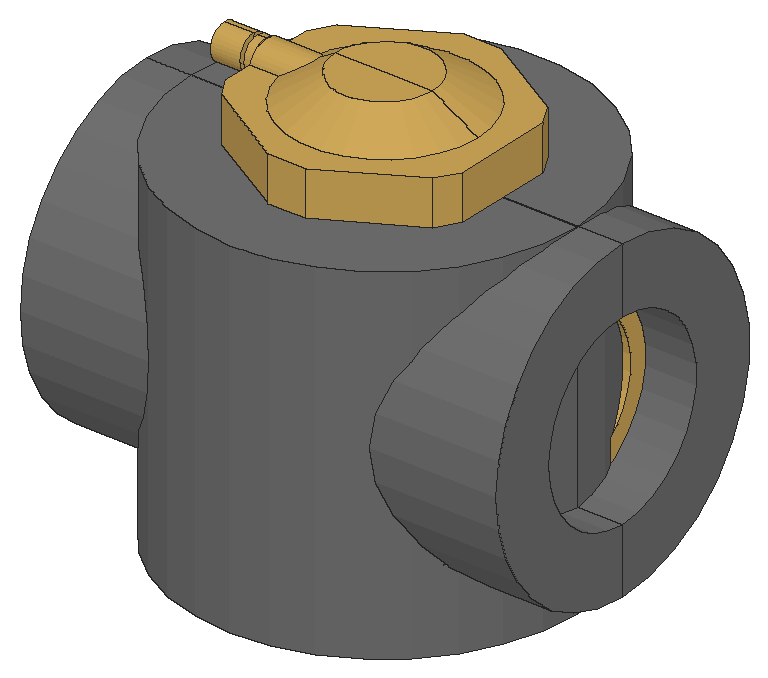
Revit family "Differenzdruckregler 4202 FIX 23kPa", category Rohrzubehör, Revit 2019
Family settings
  Bemaßung runder Anschluss = Durchmesser verwenden
  Teiletyp = Unterbricht
  OmniClass-Nummer = 23.65.55.14
  OmniClass-Titel = Valves for Liquid Services
  Arbeitsebenenbasiert = Nein
  Immer vertikal = Ja
  Beim Laden mit Abzugskörper schneiden = Nein
  Gemeinsam genutzt = Nein
Parameters (values of type "Mit Dämmung")
  y2 [instance] = K14 + K9 + H01  # 76.149 mm
  y1 [instance] = (R03 * 2) + R05  # 140.000 mm
  Min. Betriebstemperatur (Frostschutz) = -20 °C  # constant formula
  Max. zulässige Betriebstemperatur bis DN32 = 130 °C  # constant formula
  Max. zulässige Betriebstemperatur DN40 - DN50 = 110 °C  # constant formula
  Max. Differenzdruck am Gehäuse = 400000.0 Pa  # constant formula
  Max. Betriebsdruck = 2500000.0 Pa  # constant formula
  Ventilschaft = "Edelstahl 14301"  # constant formula
  URL = "www.herz-armaturen.at"
  SCRNSEQ = "ARM;ARM_TYP=\"DIFR\";2"
  SCRNCODE = "05;03;4"  # constant formula
  S06 [instance] = 1.000 mm  # constant formula
  S05 [instance] = S01 - 1.000 mm  # 27.500 mm
  S04 [instance] = S02 - 1.000 mm  # 27.000 mm
  S03 [instance] = size_lookup("4202_FIX_23", "S03", 26.500 mm, Nennweite)  # 37.700 mm
  S02 [instance] = size_lookup("4202_FIX_23", "S02", 19.000 mm, Nennweite)  # 28.000 mm
  S01 [instance] = size_lookup("4202_FIX_23", "S01", 17.250 mm, Nennweite)  # 28.500 mm
  Regleranschlussmutter = "Messing CW614N"  # constant formula
  Regelbereich = "FIX 23kPa"  # constant formula
  R06 [instance] = size_lookup("4202_FIX_23", "R06", 14.500 mm, Nennweite)  # 14.500 mm
  R05 [instance] = size_lookup("4202_FIX_23", "R05", 46.000 mm, Nennweite)  # 106.000 mm
  R04 [instance] = size_lookup("4202_FIX_23", "R04", 12.500 mm, Nennweite)  # 14.500 mm
  R03 [instance] = size_lookup("4202_FIX_23", "R03", 10.000 mm, Nennweite)  # 17.000 mm
  R02 = 14.500 mm  # constant formula
  R01 [instance] = size_lookup("4202_FIX_23", "R01", 12.500 mm, Nennweite)  # 33.500 mm
  Min. Betriebstemperatur (reines Wasser) = 2 °C  # constant formula
  O-Ringe = "EPDM"  # constant formula
  Nennweite [instance] = 50.000 mm
  Membrangehäuse = "Messing CW602N"  # constant formula
  Membrane = "EPDM"  # constant formula
  Medium = "Wasserbeschaffenheit nach ÖNORM H 5195 und VDI 2035\r\nDie Verwendung von Ethylen- und Propylenglykol ist im\r\nMischungsverhältnis 25 - 50 Vol.-% zulässig."
  L2 [instance] = size_lookup("4202_FIX_23", "L2", 161.000 mm, Nennweite)  # 216.500 mm
  L [instance] = size_lookup("4202_FIX_23", "L", 66.000 mm, Nennweite)  # 140.000 mm
  K9 = 4.000 mm  # constant formula
  K8 = 55.000 mm  # constant formula
  K7 = 8.700 mm  # constant formula
  K6 = 11.700 mm  # constant formula
  K5 = 13.000 mm  # constant formula
  K4 = 12.000 mm  # constant formula
  K3 = 15.000 mm  # constant formula
  K2 = 2.350 mm  # constant formula
  K18 = 89.000 mm  # constant formula
  K17 = 66.700 mm  # constant formula
  K16 = 3.000 mm  # constant formula
  K15 = 26.649 mm  # constant formula
  K14 = 16.649 mm  # constant formula
  K13 = 16.649 mm  # constant formula
  K12 = 10.000 mm  # constant formula
  K11 = 35.000 mm  # constant formula
  K10 = 18.250 mm  # constant formula
  K1.1 = 2.350 mm  # constant formula
  K1 = 7.651 mm  # constant formula
  J9 = 15.700 mm  # constant formula
  J8 = 7.850 mm  # constant formula
  J7 = 15.897 mm  # constant formula
  J6 = 3.900 mm  # constant formula
  J5 = 6.500 mm  # constant formula
  J4 = 1.500 mm  # constant formula
  J3 = 3.200 mm  # constant formula
  J2 = 11.000 mm  # constant formula
  J11 = 3.500 mm  # constant formula
  J10 = 18.897 mm  # constant formula
  J1 = 6.500 mm  # constant formula
  Hersteller = "HERZ-Armaturen Ges.m.b.H"  # constant formula
  H2 [instance] = size_lookup("4202_FIX_23", "H2", 28.000 mm, Nennweite)  # 58.000 mm
  H1 [instance] = K1 + K2 + K3 + K4 + K5 + K7 + K8 + K16 + 16.650 mm  # 133.351 mm
  H04 = 4.000 mm  # constant formula
  H03 = 9.800 mm  # constant formula
  H02 [instance] = size_lookup("4202_FIX_23", "H02", 53.000 mm, Nennweite)  # 107.000 mm
  H01 [instance] = size_lookup("4202_FIX_23", "H01", 25.000 mm, Nennweite)  # 55.500 mm
  Gehäuse = "DZR Messing CC770S"  # constant formula
  G03 [instance] = size_lookup("4202_FIX_23", "G03", 13.200 mm, Nennweite)  # 23.400 mm
  G02 [instance] = size_lookup("4202_FIX_23", "G02", 9.500 mm, Nennweite)  # 28.325 mm
  G01 [instance] = size_lookup("4202_FIX_23", "G01", 13.500 mm, Nennweite)  # 35.000 mm
  Hinweise zum Material = "Gemäß Art 33 der REACH-Verordnung (EG Nr. 1907/2006) sind wir verpflichtet, darauf hinzuweisen,\r\ndass der Stoff Blei auf der SVHC-Liste geführt wird und dass alle aus Messing bestehenden Bauteile,\r\ndie in unseren Erzeugnissen verarbeitet sind, mehr als 0,1 % (w/w) Blei (CAS: 7439-92-1 / EINECS:\r\n231-100-4) enthalten. Da Blei als Legierungsbestandteil fest gebunden ist, sind keine Expositionen zu\r\nerwarten und daher sind keine zusätzlichen Angaben zur sicheren Verwendung notwendig.\r\n\r\nIm Hanf enthaltenes Ammoniak schädigt\r\nMessingventilgehäuse, EPDM Dichtungen werden durch\r\nMineralöle bzw. mineralölhaltige Schmierstoffe aufgequollen\r\nund führen somit zum Ausfall der EPDM-Dichtungen. Für\r\nFrost- und Korrosionsschutzmittel auf der Basis von Ethylen- und Propylenglykol sind die entsprechenden\r\nAngaben den Unterlagen des Herstellers zu entnehmen."
  Dämmung = yes
  Dämmschale = "EPP (expandiertes Polypropylen)"  # constant formula
  Druckfeder = "Federstahl, rost-und säurebeständig"  # constant formula
  DN50 [instance] = Nennweite = 50.000 mm  # yes
  DN40 [instance] = Nennweite = 40.000 mm  # no
  DN32-40 [instance] = or(Nennweite = 32.000 mm, Nennweite = 40.000 mm)  # no
  DN32 [instance] = Nennweite = 32.000 mm  # no
  DN25,32,40 [instance] = or(Nennweite = 25.000 mm, Nennweite = 32.000 mm, Nennweite = 40.000 mm)  # no
  DN25 [instance] = Nennweite = 25.000 mm  # no
  DN20 [instance] = Nennweite = 20.000 mm  # no
  DN15-25 [instance] = or(Nennweite = 15.000 mm, Nennweite = 20.000 mm, Nennweite = 25.000 mm)  # no
  DN15,20,50 [instance] = or(Nennweite = 15.000 mm, Nennweite = 20.000 mm, Nennweite = 50.000 mm)  # yes
  DN15 [instance] = Nennweite = 15.000 mm  # no
  D07 [instance] = if(Nennweite = 15.000 mm, 32.500 mm, if(Nennweite = 20.000 mm, 33.500 mm, if(Nennweite = 25.000 mm, 33.500 mm, if(Nennweite = 32.000 mm, 49.500 mm, if(Nennweite = 40.000 mm, 59.500 mm, if(Nennweite = 50.000 mm, 59.500 mm, 0.000 mm))))))  # 59.500 mm
  D06 [instance] = if(Nennweite = 15.000 mm, 32.500 mm, if(Nennweite = 20.000 mm, 33.500 mm, if(Nennweite = 25.000 mm, 33.500 mm, if(Nennweite = 32.000 mm, 49.500 mm, if(Nennweite = 40.000 mm, 59.500 mm, if(Nennweite = 50.000 mm, 59.500 mm, 0.000 mm))))))  # 59.500 mm
  D05 [instance] = if(Nennweite = 15.000 mm, 36.750 mm, if(Nennweite = 20.000 mm, 40.700 mm, if(Nennweite = 25.000 mm, 49.200 mm, if(Nennweite = 32.000 mm, 54.150 mm, if(Nennweite = 40.000 mm, 60.750 mm, if(Nennweite = 50.000 mm, 72.700 mm, 0.000 mm))))))  # 72.700 mm
  D04 [instance] = if(Nennweite = 15.000 mm, 78.500 mm, if(Nennweite = 20.000 mm, 82.000 mm, if(Nennweite = 25.000 mm, 84.000 mm, if(Nennweite = 32.000 mm, 120.000 mm, if(Nennweite = 40.000 mm, 130.000 mm, if(Nennweite = 50.000 mm, 130.500 mm, 0.000 mm))))))  # 130.500 mm
  D03 [instance] = if(Nennweite = 15.000 mm, 96.000 mm, if(Nennweite = 20.000 mm, 110.000 mm, if(Nennweite = 25.000 mm, 112.000 mm, if(Nennweite = 32.000 mm, 152.000 mm, if(Nennweite = 40.000 mm, 170.000 mm, if(Nennweite = 50.000 mm, 179.000 mm, 0.000 mm))))))  # 179.000 mm
  D02 [instance] = size_lookup("4202_FIX_23", "R05", 41.000 mm, Nennweite)  # 106.000 mm
  D01 [instance] = size_lookup("4202_FIX_23", "G01", 13.220 mm, Nennweite)  # 35.000 mm
  Bestellnummer Dämmung [instance] = if(and(Dämmung, Nennweite = 15.000 mm), 1409611, if(and(Dämmung, Nennweite = 20.000 mm), 1409612, if(and(Dämmung, Nennweite = 25.000 mm), 1409613, if(and(Dämmung, Nennweite = 32.000 mm), 1409614, if(and(Dämmung, Nennweite = 40.000 mm), 1409615, if(and(Dämmung, Nennweite = 50.000 mm), 1409616, 0))))))  # 1409616
  Bestellnummer [instance] = if(Nennweite = 15.000 mm, 1420221, if(Nennweite = 20.000 mm, 1420222, if(Nennweite = 25.000 mm, 1420223, if(Nennweite = 32.000 mm, 1420224, if(Nennweite = 40.000 mm, 1420225, if(Nennweite = 50.000 mm, 1420226, 0))))))  # 1420226
  B2 [instance] = size_lookup("4202_FIX_23", "B2", 31.000 mm, Nennweite)  # 41.000 mm
  B1 [instance] = size_lookup("4202_FIX_23", "B1", 26.000 mm, Nennweite)  # 41.000 mm
  B04 = 100.649 mm  # constant formula
  B03 = 44.500 mm  # constant formula
  B02 = 104.688 mm  # constant formula
  B01 = 10.000 mm  # constant formula
  Anwendungsgebiet = "Der Differenzdruckregler ist ein Regler mit linearer Kennlinie in Geradsitzausführung und arbeitet ohne Hilfsenergie. Der Differenzdruck-Sollwert beträgt 23 kPa, 50 kPa bzw 13 kPa. Im Lieferumfang enthalten ist die Impulsleitung (1000 mm), diese ist mit einem Strangregulierventil im Vorlauf zu verbinden."
  Anschlussnippel = "Messing CW602N"  # constant formula
Types (3, lengths in mm): name | y2 | y1 | S05 | S04 | S03 | S02 | S01 | R05 | R04 | R03 | R01 | Nennweite | L2 | L | H2 | H02 | H01 | G03 | G02 | G01 | Dämmung | DN50 | DN15-25 | DN15 | D07 | D06 | D05 | D04 | D03 | D02 | D01 | Bestellnummer Dämmung | Bestellnummer | B2 | B1
  (no name) | 76.149 | 140.000 | 27.500 | 27.000 | 37.700 | 28.000 | 28.500 | 106.000 | 14.500 | 17.000 | 33.500 | 50.000 | 216.500 | 140.000 | 58.000 | 107.000 | 55.500 | 23.400 | 28.325 | 35.000 | yes | yes | no | no | 59.500 | 59.500 | 72.700 | 130.500 | 179.000 | 106.000 | 35.000 | 1409616 | 1420226 | 41.000 | 41.000
  Mit Dämmung | 76.149 | 140.000 | 27.500 | 27.000 | 37.700 | 28.000 | 28.500 | 106.000 | 14.500 | 17.000 | 33.500 | 50.000 | 216.500 | 140.000 | 58.000 | 107.000 | 55.500 | 23.400 | 28.325 | 35.000 | yes | yes | no | no | 59.500 | 59.500 | 72.700 | 130.500 | 179.000 | 106.000 | 35.000 | 1409616 | 1420226 | 41.000 | 41.000
  Ohne Dämmung | 49.149 | 66.000 | 16.250 | 18.000 | 25.600 | 19.000 | 17.250 | 46.000 | 12.500 | 10.000 | 12.500 | 15.000 | 161.000 | 66.000 | 28.000 | 53.000 | 28.500 | 13.200 | 9.500 | 13.500 | no | no | yes | yes | 32.500 | 32.500 | 36.750 | 78.500 | 96.000 | 46.000 | 13.500 | 0 | 1420221 | 31.000 | 26.000
Reference planes
  plane 1 "Mitte (Vorne/hinten)": y = 0
  plane 2: z = 0
  plane 3 "Mitte (Links/rechts)": x = 0
Forms (mm)
  Revolve 1, solid, material "Messing, weicher Gelbton, geschweißt", detail levels fine
    sketch origin (0, 0, 0) x (1, 0, 0) y (0, 0, 1)
      loop
        line (-46.6, 0) -> (46.6, 0) -> (46.6, 28.325) -> (70, 28.325) -> (70, 35) -> (53, 35) -> (53, 33.5) -> (-53, 33.5) -> (-53, 35) -> (-70, 35) -> (-70, 28.325) -> (-46.6, 28.325) -> (-46.6, 0)
      axis (-70, 0) -> (70, 0)
    angle from 0 to 360
  Revolve 2, solid, material "Messing, weicher Gelbton, geschweißt", detail levels fine
    sketch origin (0, 0, 0) x (1, 0, 0) y (0, 0, 1)
      loop
        line (0, -58) -> (0, 0) -> (-27, 0) -> (-27, -48.2) -> (-28, -48.2) -> (-28, -58) -> (0, -58)
      axis (0, 0) -> (0, -58)
    angle from 0 to 360
  Extrusion 3, solid, material "Messing, weicher Gelbton, geschweißt", detail levels fine
    sketch origin (0, 0, 0) x (0, -1, 0) y (1, 0, 0)
      loop
        line (-46, -7.038) -> (-27.114, -39.75) -> (-18.886, -44.5) -> (18.886, -44.5) -> (27.114, -39.75) -> (46, -7.038) -> (46, 7.038) -> (27.114, 39.75) -> (18.886, 44.5) -> (-18.886, 44.5) -> (-27.114, 39.75) -> (-46, 7.038) -> (-46, -7.038)
    from 59.5 to 76.149
  Revolve 4, solid, material "Messing, weicher Gelbton, geschweißt", detail levels fine
    sketch origin (0, 0, -7.051) x (1, 0, 0) y (0, 0, 1)
      loop
        line (0, 83.2) -> (0, 93.2) -> (-18.25, 93.2) -> (-35, 83.2) -> (0, 83.2)
      axis (0, 93.2) -> (0, 83.2)
    angle from 0 to 360
  Revolve 5, solid, material "Messing, weicher Gelbton, geschweißt", visible <- "DN15-25", detail levels fine
    sketch origin (-11, 0, 0) x (1, 0, 0) y (0, 1, 0)
      loop
        line (-3.5, 41) -> (-11.2, 41) -> (-11.2, 0) -> (-3.5, 0) -> (-3.5, 41)
      axis (-3.5, 0) -> (-3.5, 41)
    angle from 0 to 360
  Revolve 6, solid, material "Messing, weicher Gelbton, geschweißt", detail levels fine
    sketch origin (-0.988, 0, -6.853) x (-1, 0, 0) y (0, 0, 1)
      loop
        line (43.5, 82.25) -> (59.2, 82.25) -> (59.2, 88.75) -> (48.2, 88.75) -> (48.2, 86.15) -> (46.7, 86.15) -> (46.7, 88.75) -> (43.5, 88.75) -> (43.5, 82.25)
      axis (43.5, 82.25) -> (59.2, 82.25)
    angle from 0 to 360
  Extrusion 7, solid, material "Messing, weicher Gelbton, geschweißt", detail levels fine
    sketch origin (0, 0, 0) x (0, 1, 0) y (0, 0, -1)
      loop
        line (7.85, -74.047) -> (7.85, -63) -> (-7.85, -63) -> (-7.85, -74.047)
        arc (-7.85, -74.047) -> (0, -81.897) -> (7.85, -74.047) r 7.85
    from 0 to 44.5
  Revolve 8, solid, material "Messing, weicher Gelbton, geschweißt", visible <- "DN15-25", detail levels fine
    sketch origin (-2, 0, 0) x (1, 0, 0) y (0, 1, 0)
      loop
        line (-12.5, 0) -> (-21.5, 0) -> (-21.5, -41) -> (-12.5, -41) -> (-12.5, 0)
      axis (-12.5, 0) -> (-12.5, -41)
    angle from 0 to 360
  Revolve 9, solid, material "Messing, weicher Gelbton, geschweißt", visible <- "DN15-25", detail levels fine
    sketch origin (2, 0, 0) x (1, 0, 0) y (0, 1, 0)
      loop
        line (12.5, 0) -> (12.5, -41) -> (21.6, -41) -> (21.6, 0) -> (12.5, 0)
      axis (12.5, 0) -> (12.5, -41)
    angle from 0 to 360
  Extrusion 10, solid, material "Messing, weicher Gelbton, geschweißt", visible <- "DN32", detail levels fine
    sketch origin (-31.5, 0, 0) x (1, 0, 0) y (0, 1, 0)
      loop
        circle (63, 0) r 6.578
      loop
        circle (63, 0) r 3.28
    from -47 to 0
  Extrusion 11, solid, material "Messing, weicher Gelbton, geschweißt", visible <- "DN32", detail levels fine
    sketch origin (31.5, 0, 0) x (-1, 0, 0) y (0, -1, 0)
      loop
        circle (63, 0) r 6.578
      loop
        circle (63, 0) r 3.28
    from -47 to 0
  Revolve 12, solid, material "Messing, weicher Gelbton, geschweißt", detail levels fine
    sketch origin (0, 0, 0) x (1, 0, 0) y (0, 0, 1)
      loop
        line (-27.5, 0) -> (0, 0) -> (0, 59.5) -> (-23.5, 59.5) -> (-23.5, 55.5) -> (-28.5, 55.5) -> (-28.5, 45.7) -> (-27.5, 45.7) -> (-27.5, 0)
      axis (0, 59.5) -> (0, 0)
    angle from 0 to 360
  Extrusion 13, solid, material "Messing, weicher Gelbton, geschweißt", visible <- "DN40", detail levels fine
    sketch origin (29.382, 0, 0) x (-1, 0, 0) y (0, -1, 0)
      loop
        circle (63, 0) r 6.578
      loop
        circle (63, 0) r 3.28
    from -58 to 0
  Extrusion 14, solid, material "Messing, weicher Gelbton, geschweißt", visible <- "DN40", detail levels fine
    sketch origin (-29.455, 0, 0) x (1, 0, 0) y (0, 1, 0)
      loop
        circle (63, 0) r 6.578
      loop
        circle (63, 0) r 3.28
    from -58 to 0
  Extrusion 15, solid, material "Messing, weicher Gelbton, geschweißt", visible <- "DN50", detail levels fine
    sketch origin (28.422, 0, 0) x (-1, 0, 0) y (0, -1, 0)
      loop
        circle (63, 0) r 6.578
      loop
        circle (63, 0) r 3.28
    from -58 to 0
  Extrusion 16, solid, material "Messing, weicher Gelbton, geschweißt", visible <- "DN50", detail levels fine
    sketch origin (-28.422, 0, 0) x (1, 0, 0) y (0, 1, 0)
      loop
        circle (63, 0) r 6.578
      loop
        circle (63, 0) r 3.28
    from -58 to 0
  Revolve 17, solid, material "Messing, weicher Gelbton, geschweißt", visible <- "DN32-40", detail levels fine
    sketch origin (-11, 0, 0) x (1, 0, 0) y (0, 1, 0)
      loop
        line (-3.5, -41) -> (-3.5, 0) -> (-11.2, 0) -> (-11.2, -41) -> (-3.5, -41)
      axis (-3.5, 0) -> (-3.5, -41)
    angle from 0 to 360
  Revolve 18, solid, material "Kunststoff-Anthrazit/Schwarz", visible <- "Dämmung"
    sketch origin (0, 0, 0) x (1, 0, 0) y (0, 0, 1)
      loop
        line (0, -71) -> (72.7, -71) -> (72.7, 59.5) -> (0, 59.5) -> (0, -71)
      axis (0, 59.5) -> (0, -71)
    angle from 0 to 360
  Revolve 19, solid, material "Kunststoff-Anthrazit/Schwarz", visible <- "Dämmung"
    sketch origin (0, 0, 0) x (1, 0, 0) y (0, 0, 1)
      loop
        line (-89.5, 59.5) -> (-89.5, 35) -> (-53, 35) -> (-53, 0) -> (0, 0) -> (53, 0) -> (53, 35) -> (89.5, 35) -> (89.5, 59.5) -> (-89.5, 59.5)
      axis (-89.5, 0) -> (89.5, 0)
    angle from 0 to 360
Lines and regions (mm)
  model lines, detail levels coarse+medium
    curve 1: line (70, -35, 0) -> (70, 35, 0)
    curve 2: line (70, 35, 0) -> (-70, -35, 0)
    curve 3: line (-70, -35, 0) -> (-70, 35, 0)
    curve 4: line (-70, 35, 0) -> (70, -35, 0)
    curve 5: line (0, -45.5, 0) -> (0, -59.5, 0)
    curve 6: spline (-44.5, -67.824, 0) -> (-42.984, -65.67, 0) -> (-38.538, -63.662, 0) -> (-31.466, -61.938, 0) -> (-22.25, -60.615, 0) -> (-11.517, -59.784, 0) -> (0, -59.5, 0) -> (11.517, -59.784, 0) -> (22.25, -60.615, 0) -> (31.466, -61.938, 0) -> (38.538, -63.662, 0) -> (42.984, -65.67, 0) -> (44.5, -67.825, 0) -> (42.984, -69.979, 0) -> (38.538, -71.987, 0) -> (31.466, -73.711, 0) -> (22.25, -75.034, 0) -> (11.517, -75.865, 0) -> (0, -76.149, 0) -> (-11.517, -75.865, 0) -> (-22.25, -75.034, 0) -> (-31.466, -73.711, 0) -> (-38.538, -71.987, 0) -> (-42.984, -69.979, 0) -> (-44.5, -67.824, 0)
    curve 7: line (0, 0, 35) -> (0, 0, 59.5)
    curve 8: spline (-44.5, 0, 67.825) -> (-42.984, 0, 69.979) -> (-38.538, 0, 71.987) -> (-31.466, 0, 73.711) -> (-22.25, 0, 75.034) -> (-11.517, 0, 75.865) -> (0, 0, 76.149) -> (11.517, 0, 75.865) -> (22.25, 0, 75.034) -> (31.466, 0, 73.711) -> (38.538, 0, 71.987) -> (42.984, 0, 69.979) -> (44.5, 0, 67.824) -> (42.984, 0, 65.67) -> (38.538, 0, 63.662) -> (31.466, 0, 61.938) -> (22.25, 0, 60.615) -> (11.517, 0, 59.784) -> (0, 0, 59.5) -> (-11.517, 0, 59.784) -> (-22.25, 0, 60.615) -> (-31.466, 0, 61.938) -> (-38.538, 0, 63.662) -> (-42.984, 0, 65.67) -> (-44.5, 0, 67.825)
    curve 9: line (0, 0, 35) -> (35, 0, 17.5)
    curve 10: line (0, 0, 35) -> (-35, 0, 17.5)
    curve 11: line (0, -45.5, 0) -> (-18.2, -9.1, 0)
    curve 12: line (0, -45.5, 0) -> (18.2, -9.1, 0)
    curve 13: line (-70, 0, 35) -> (70, 0, -35)
    curve 14: line (70, 0, -35) -> (70, 0, 35)
    curve 15: line (70, 0, 35) -> (-70, 0, -35)
    curve 16: line (-70, 0, -35) -> (-70, 0, 35)
Dimensions and locks
  "G01": Revolve 1 sketch curve to Revolve 1 sketch curve  (x2)
  "R01": Revolve 1 sketch curve to Revolve 1 sketch curve
  "R03": Revolve 1 sketch curve to Revolve 1 sketch curve  (x2)
  "K10": Revolve 4 sketch curve to Revolve 4 sketch curve
  "K11": Revolve 4 sketch curve to Revolve 4 sketch curve
  "B1": Revolve 5 sketch curve to Revolve 5 sketch curve
  "J1": Revolve 6 sketch curve to Revolve 6 sketch curve
  "J3": Revolve 6 sketch curve to Revolve 6 sketch curve
  "J4": Revolve 6 sketch curve to Revolve 6 sketch curve
  "J2": Revolve 6 sketch curve to Revolve 6 sketch curve
  "J5": Revolve 6 sketch curve to Revolve 6 sketch curve
  "J6": Revolve 6 sketch curve to Revolve 6 sketch curve
  "H2": plane 2 to Revolve 2 sketch curve
  "H03": Revolve 2 sketch curve to Revolve 2 sketch curve
  "S02": plane 3 "Mitte (Links/rechts)" to Revolve 2 sketch curve
  "B02": Revolve 6 to Extrusion 3
  "B03": Extrusion 3 to plane 3 "Mitte (Links/rechts)"
  "R04": Revolve 5 sketch curve to plane 3 "Mitte (Links/rechts)"
  "K12": Revolve 4 sketch curve to Revolve 4 sketch curve
  "K13": Revolve 4 sketch curve to Extrusion 3
  "K14": Extrusion 3 to Extrusion 3
  "R05": Revolve 1 sketch curve to Revolve 1 sketch curve
  equal spacing: Revolve 1 sketch curve, plane 3 "Mitte (Links/rechts)", Revolve 1 sketch curve
  "B2": plane 1 "Mitte (Vorne/hinten)" to Revolve 8 sketch curve
  "B2": Revolve 9 sketch curve to plane 1 "Mitte (Vorne/hinten)"
  "R06": Revolve 8 sketch curve to plane 3 "Mitte (Links/rechts)"
  "R06": plane 3 "Mitte (Links/rechts)" to Revolve 9 sketch curve
  "S01": Revolve 12 sketch curve to plane 3 "Mitte (Links/rechts)"
  "S05": plane 3 "Mitte (Links/rechts)" to Revolve 12 sketch curve
  "H04": Revolve 12 sketch curve to Revolve 12 sketch curve
  "H03": Revolve 12 sketch curve to Revolve 12 sketch curve
  "H01": Revolve 12 sketch curve to plane 2
  "K9": Extrusion 3 to Revolve 12
  "S06": Revolve 2 sketch curve to Revolve 2 sketch curve
  "J7": Revolve 6 sketch curve to Extrusion 3
  "J9": Extrusion 7 sketch curve to Extrusion 7 sketch curve
  "J10": Revolve 6 to Extrusion 7 sketch curve
  "J11": Extrusion 7 sketch curve to Extrusion 3
  "K18": Extrusion 3 to Extrusion 3
  "K18": curve 8 to curve 8
  "G01": curve 10 to plane 2
  "K14": curve 8 to curve 8
  "y2": curve 8 to plane 2
  "G01": plane 1 "Mitte (Vorne/hinten)" to curve 4
  "G01": curve 3 to plane 1 "Mitte (Vorne/hinten)"
  equal spacing: curve 3, curve 8, curve 1
  equal spacing: curve 3, curve 12, curve 1
  "y1": curve 3 to curve 1
  "G01": plane 1 "Mitte (Vorne/hinten)" to curve 2
  "G01": curve 4 to plane 1 "Mitte (Vorne/hinten)"
  "K18": curve 6 to curve 6
  "K14": curve 6 to curve 6
  "y2": curve 6 to plane 1 "Mitte (Vorne/hinten)"
  "B1": Revolve 17 sketch curve to Revolve 17 sketch curve
  "R04": Revolve 17 sketch curve to plane 3 "Mitte (Links/rechts)"
  "G02": Revolve 1 sketch curve to plane 2  (x2)
  "G03": Revolve 1 sketch curve to Revolve 1 sketch curve  (x2)
  Revolve 1 sketch curve to Revolve 1 sketch curve = 140.000 mm
  equal spacing: curve 10, plane 3 "Mitte (Links/rechts)", curve 9
  "L": curve 14 to curve 16
  equal spacing: curve 14, curve 6, curve 16
  equal spacing: curve 14, curve 9, curve 10, curve 10, curve 16
  "G01": curve 16 to plane 2
  "G01": plane 2 to curve 16
  "G01": curve 15 to plane 2
  "G01": plane 2 to curve 14
  "D06": Revolve 18 sketch curve to plane 2
  "D04": Revolve 18 sketch curve to Revolve 18 sketch curve
  "D05": Revolve 18 sketch curve to Revolve 18 sketch curve
  "D07": Revolve 19 sketch curve to plane 2
  "D01": Revolve 19 sketch curve to plane 2  (x2)
  "D02": Revolve 19 sketch curve to Revolve 19 sketch curve
  "D03": Revolve 19 sketch curve to Revolve 19 sketch curve
  equal spacing: Revolve 19 sketch curve, plane 3 "Mitte (Links/rechts)", Revolve 19 sketch curve  (x2)
  "J8": radius of Extrusion 7 sketch curve
  aligned and locked: level to plane 2
Automatic sketch dimensions
  plane 3 "Mitte (Links/rechts)" to Extrusion 3 sketch curve = 7.038 mm  (x2)
  Extrusion 3 sketch curve to plane 1 "Mitte (Vorne/hinten)" = 46.000 mm
  Extrusion 3 sketch curve to plane 1 "Mitte (Vorne/hinten)" = 27.114 mm  (x2)
  Extrusion 3 sketch curve to Extrusion 3 sketch curve = 8.227 mm  (x4)
  plane 1 "Mitte (Vorne/hinten)" to Extrusion 3 sketch curve = 18.886 mm  (x2)
  Extrusion 3 sketch curve to Extrusion 3 sketch curve = 18.886 mm
  Extrusion 3 sketch curve to plane 3 "Mitte (Links/rechts)" = 7.038 mm  (x2)
  Extrusion 3 sketch curve to Extrusion 3 sketch curve = 32.712 mm  (x4)
  Extrusion 3 sketch curve to Extrusion 3 sketch curve = 4.750 mm  (x2)
  Extrusion 10 sketch curve to Extrusion 10 sketch curve = 0.000 mm  (x2)
  plane 1 "Mitte (Vorne/hinten)" to Extrusion 10 sketch curve = 0.000 mm
  plane 3 "Mitte (Links/rechts)" to Extrusion 10 sketch curve = 31.500 mm
  Extrusion 11 sketch curve to Extrusion 11 sketch curve = 0.000 mm  (x2)
  plane 1 "Mitte (Vorne/hinten)" to Extrusion 11 sketch curve = 0.000 mm
  plane 3 "Mitte (Links/rechts)" to Extrusion 11 sketch curve = 31.500 mm
  Extrusion 13 sketch curve to Extrusion 13 sketch curve = 0.000 mm  (x2)
  plane 1 "Mitte (Vorne/hinten)" to Extrusion 13 sketch curve = 0.000 mm
  plane 3 "Mitte (Links/rechts)" to Extrusion 13 sketch curve = 33.618 mm
  Extrusion 14 sketch curve to Extrusion 14 sketch curve = 0.000 mm  (x2)
  plane 1 "Mitte (Vorne/hinten)" to Extrusion 14 sketch curve = 0.000 mm
  plane 3 "Mitte (Links/rechts)" to Extrusion 14 sketch curve = 33.545 mm
  Extrusion 15 sketch curve to Extrusion 15 sketch curve = 0.000 mm  (x2)
  plane 1 "Mitte (Vorne/hinten)" to Extrusion 15 sketch curve = 0.000 mm
  plane 3 "Mitte (Links/rechts)" to Extrusion 15 sketch curve = 34.578 mm
  Extrusion 16 sketch curve to Extrusion 16 sketch curve = 0.000 mm  (x2)
  plane 1 "Mitte (Vorne/hinten)" to Extrusion 16 sketch curve = 0.000 mm
  plane 3 "Mitte (Links/rechts)" to Extrusion 16 sketch curve = 34.578 mm
  curve 8 to plane 3 "Mitte (Links/rechts)" = 0.000 mm
  curve 11 to plane 3 "Mitte (Links/rechts)" = 0.000 mm
  curve 6 to plane 3 "Mitte (Links/rechts)" = 0.000 mm
  curve 5 to curve 12 = 14.000 mm
  Revolve 1 sketch curve to level = 0.000 mm  (x2)
  Revolve 1 sketch curve to Revolve 1 sketch curve = 1473.530 mm
  Revolve 1 sketch curve to Revolve 1 sketch curve = 1806.148 mm
  Revolve 2 sketch curve to level = 0.000 mm
  Revolve 2 sketch curve to plane 3 "Mitte (Links/rechts)" = 0.000 mm  (x2)
  Revolve 2 sketch curve to Revolve 2 sketch curve = 1.000 mm
  Revolve 2 sketch curve to Revolve 2 sketch curve = 334.045 mm
  level to Revolve 2 sketch curve = 2218.015 mm
  Revolve 4 sketch curve to plane 3 "Mitte (Links/rechts)" = 0.000 mm  (x2)
  Revolve 4 sketch curve to level = 373.096 mm
  Revolve 4 sketch curve to Revolve 4 sketch curve = 2155.315 mm
  plane 1 "Mitte (Vorne/hinten)" to Revolve 5 sketch curve = 0.000 mm  (x2)
  Revolve 5 sketch curve to Revolve 5 sketch curve = 0.000 mm  (x2)
  Revolve 5 sketch curve to Revolve 5 sketch curve = 7.700 mm
  plane 3 "Mitte (Links/rechts)" to Revolve 6 sketch curve = 44.488 mm
  Revolve 6 sketch curve to Revolve 6 sketch curve = 0.000 mm  (x3)
  Extrusion 7 sketch curve to plane 1 "Mitte (Vorne/hinten)" = 0.000 mm
  Extrusion 7 sketch curve to Extrusion 7 sketch curve = 11.047 mm
  Extrusion 7 sketch curve to Extrusion 7 sketch curve = 0.000 mm
  plane 1 "Mitte (Vorne/hinten)" to Revolve 8 sketch curve = 0.000 mm  (x2)
  Revolve 8 sketch curve to Revolve 8 sketch curve = 9.000 mm
  Revolve 8 sketch curve to Revolve 8 sketch curve = 0.000 mm  (x2)
  plane 1 "Mitte (Vorne/hinten)" to Revolve 9 sketch curve = 0.000 mm  (x2)
  Revolve 9 sketch curve to Revolve 9 sketch curve = 9.100 mm
  Revolve 9 sketch curve to Revolve 9 sketch curve = 0.000 mm  (x2)
  Revolve 12 sketch curve to level = 0.000 mm  (x2)
  Revolve 12 sketch curve to plane 3 "Mitte (Links/rechts)" = 0.000 mm  (x2)
  Revolve 12 sketch curve to Revolve 12 sketch curve = 5.000 mm
  Revolve 12 sketch curve to Revolve 12 sketch curve = 0.000 mm
  plane 1 "Mitte (Vorne/hinten)" to Revolve 17 sketch curve = 0.000 mm  (x2)
  Revolve 17 sketch curve to Revolve 17 sketch curve = 7.700 mm
  Revolve 17 sketch curve to Revolve 17 sketch curve = 0.000 mm  (x2)
  Revolve 18 sketch curve to plane 3 "Mitte (Links/rechts)" = 0.000 mm  (x2)
  Revolve 18 sketch curve to Revolve 18 sketch curve = 13.423 mm
  Revolve 18 sketch curve to Revolve 18 sketch curve = 0.000 mm
  Revolve 19 sketch curve to level = 0.000 mm  (x2)
  Revolve 19 sketch curve to plane 3 "Mitte (Links/rechts)" = 0.000 mm
  Revolve 19 sketch curve to Revolve 19 sketch curve = 0.000 mm  (x2)
  radius of Extrusion 10 sketch curve = 6.578 mm
  radius of Extrusion 10 sketch curve = 3.280 mm
  radius of Extrusion 11 sketch curve = 6.578 mm
  radius of Extrusion 11 sketch curve = 3.280 mm
  radius of Extrusion 13 sketch curve = 6.578 mm
  radius of Extrusion 13 sketch curve = 3.280 mm
  radius of Extrusion 14 sketch curve = 6.578 mm
  radius of Extrusion 14 sketch curve = 3.280 mm
  radius of Extrusion 15 sketch curve = 6.578 mm
  radius of Extrusion 15 sketch curve = 3.280 mm
  radius of Extrusion 16 sketch curve = 6.578 mm
  radius of Extrusion 16 sketch curve = 3.280 mm
Nested families
  nested 1: "Herz-Logo-vorne" at (-0.018, 17.815, -12.904) x (0, -1, 0) z (0, 0, 1), type "Herz-Logo-vorne", detail levels fine
  nested 2: "Herz-Logo-vorne" at (-0.018, 24.058, 0) x (0, -1, 0) z (0, 0, 1), visible <- "DN32", type "Herz-Logo-vorne", detail levels fine
  nested 3: "Herz-Logo-vorne" at (-0.018, 33.471, 0) x (0, -1, 0) z (0, 0, 1), visible <- "DN50", type "Herz-Logo-vorne", detail levels fine
  nested 4: "Herz-Logo-vorne" at (-0.018, 26.482, 0) x (0, -1, 0) z (0, 0, 1), visible <- "DN40", type "Herz-Logo-vorne", detail levels fine
Connectors
  piping at (70, 0, 0), diameter 50, driven by "Nennweite"
    settings: on Revolve 1, index 1, connector inside diameter 609.6 mm, connector length 0.000 mm, flow factor 0, pipe flow 0.0 L/s, pressure drop 0.0 Pa, fitting loss kfactor 0, connector angle 0.00°, fixture units 0, engagement length 0.000 mm, angle of deflection 0.00°, flow configuration 0, flow direction 2, fitting loss method 0, system type 29, joint type 0, gender type 0, connector reference index -1, connector utility 0, adjustable connector no, is connector primary yes, connector description ""
  piping at (-70, 0, 0), diameter 50, driven by "Nennweite"
    settings: on Revolve 1, index 2, connector inside diameter 609.6 mm, connector length 0.000 mm, flow factor 0, pipe flow 0.0 L/s, pressure drop 0.0 Pa, fitting loss kfactor 0, connector angle 0.00°, fixture units 0, engagement length 0.000 mm, angle of deflection 0.00°, flow configuration 0, flow direction 1, fitting loss method 0, system type 7, joint type 0, gender type 0, connector reference index -1, connector utility 0, adjustable connector no, is connector primary no, connector description ""
Definition of nested family "Herz-Logo-vorne"
  Reference planes
    plane 1 "Mitte (Vorne/hinten)": y = 0
    plane 2: z = 0
    plane 3 "Mitte (Links/rechts)": x = 0
  Forms (mm)
    Extrusion 1, solid
      sketch origin (0.732, -0.018, 0.017) x (0, -1, 0) y (0, 0, 1)
        loop
          line (-0.018, -4.517) -> (4.482, -4.517) -> (4.482, 4.483) -> (-4.518, 4.483) -> (-4.518, -4.517) -> (-0.018, -4.517)
        loop
          line (-0.05, -3.48) -> (3.482, -3.48) -> (3.482, 3.483) -> (-3.518, 3.483) -> (-3.518, -3.48) -> (-0.05, -3.48)
        loop
          arc (-0.018, 2.383) -> (-1.543, 3.287) -> (-3.067, 2.383) r 1.738
          arc (-3.067, 2.383) -> (-3.191, 1.899) -> (-3.067, 1.415) r 1.009
          line (-3.067, 1.415) -> (-0.018, -3.281) -> (3.032, 1.415)
          arc (3.032, 1.415) -> (3.156, 1.899) -> (3.032, 2.383) r 1.009
          arc (3.032, 2.383) -> (1.507, 3.287) -> (-0.018, 2.383) r 1.738
        loop
          arc (1.885, 1.272) -> (2.005, 1.675) -> (1.885, 2.079) r 0.74
          arc (1.885, 2.079) -> (1.265, 2.416) -> (0.644, 2.079) r 0.74
          line (0.644, 2.079) -> (-0.018, 0.97) -> (-0.679, 2.079)
          arc (-0.679, 2.079) -> (-1.3, 2.416) -> (-1.921, 2.079) r 0.74
          arc (-1.921, 2.079) -> (-2.04, 1.675) -> (-1.921, 1.272) r 0.74
          line (-1.921, 1.272) -> (-0.018, -1.658) -> (1.885, 1.272)
      from 0 to 1.5
  Dimensions and locks
    aligned and locked: level to plane 2
